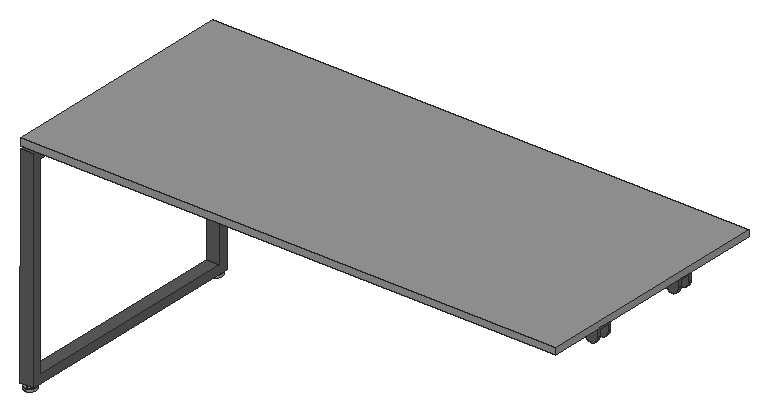
Revit family "Haworth_Tibas_Desk_Rectangular_EU_PRELIMINARY1", category Furniture, Revit 2019 (continued)
Definition of nested family "Haworth_Tibas_CableManagement_HorizontalCableTraySingleWire_PART"
  Definition of nested family "Haworth_Tibas_CableManagement_HorizontalCableTraySingleWire_200cm-PART"
    Automatic sketch dimensions
      Extrusion 5 sketch curve to Extrusion 5 sketch curve = 0.024 cm
      Extrusion 5 sketch curve to Extrusion 5 sketch curve = 0.2547 cm
      Extrusion 5 sketch curve to plane 7 "Front" = 1.0694 cm
      Extrusion 5 sketch curve to Extrusion 5 sketch curve = 0.0224 cm
      plane 7 "Front" to Extrusion 5 sketch curve = 3.1606 cm
      Extrusion 5 sketch curve to Extrusion 5 sketch curve = 0.02 cm  (x2)
      Extrusion 5 sketch curve to Extrusion 5 sketch curve = 2.5563 cm
      Extrusion 5 sketch curve to plane 2 "Support Top" = 0.195 cm
      Extrusion 5 sketch curve to plane 2 "Support Top" = 5.795 cm
      Extrusion 5 sketch curve to Extrusion 5 sketch curve = 0.225 cm
      Extrusion 5 sketch curve to Extrusion 5 sketch curve = 0 cm
  Definition of nested family "Haworth_Tibas_CableManagement_HorizontalCableTraySingleWire_160cm-PART"
    Parameters (values of type "Wire Basket Single - 160cm")
      Warranty = "http://www.haworth.com/resources/product-info/warranties"
      Void Width = 20 cm  # constant formula
      URL = "www.haworth.com"
      Trim Finish = none
      Size = "Verify Final Dim. w/ Haworth"  # constant formula
      Revision Number = "1"  # constant formula
      Model = "Haworth -  Wire Basket "  # constant formula
      Manufacturer = "Haworth"  # constant formula
      Description = "Haworth -  Wire Basket 160cm "  # constant formula
      Cable Tray Finish = none
      Author = "Haworth (Abd Rahman)"  # constant formula
      Assembly Code = "E2020200"
      Actual Width = 160 cm  # constant formula
      Actual Depth = 16 cm  # constant formula
    Reference planes (cm)
      plane 1: z = 0
      plane 2 "Support Top": z = 74.1363
      plane 3: x = 20.8036
      plane 4: y = -4.3686
      plane 5 "Front": y = -20.3686
      plane 6: y = -12.3686
      plane 7: x = -59.1964
      plane 8: x = 100.8036
    Forms (cm)
      Extrusion 1, solid, material <- "Cable Tray Finish"
        sketch origin (-68.41, -24.7371, 0) x (0, 1, 0) y (0, 0, -1)
          loop
            line (5.5335, -74.1362) -> (5.5335, -68.4381)
            arc (5.5335, -68.4381) -> (5.5922, -68.2965) -> (5.7338, -68.2378) r 0.2003
            line (5.7338, -68.2378) -> (19.8574, -68.2378)
            arc (19.8574, -68.2378) -> (20.0023, -68.2979) -> (20.0623, -68.4428) r 0.205
            line (20.0623, -68.4428) -> (20.0623, -74.1362) -> (20.3686, -74.1362) -> (20.3686, -68.4261)
            arc (20.3686, -68.4261) -> (20.2547, -68.1513) -> (19.9799, -68.0374) r 0.3886
            line (19.9799, -68.0374) -> (5.7294, -68.0374)
            arc (5.7294, -68.0374) -> (5.455, -68.1511) -> (5.3413, -68.4255) r 0.3881
            line (5.3413, -68.4255) -> (5.3413, -74.1362) -> (5.5335, -74.1362)
        from -169.2136 to -9.2136
      Extrusion 2, void
        sketch origin (0, -2.9666, 0) x (1, 0, 0) y (0, 0, -1)
          loop
            line (-58.636, -73.9397) -> (-50.4684, -73.9397) -> (-50.4684, -70.6269) -> (-58.636, -70.6269) -> (-58.636, -73.9397)
          loop
            line (-50.4684, -70.4411) -> (-50.4684, -68.6179) -> (-58.636, -68.6179) -> (-58.636, -70.4411) -> (-50.4684, -70.4411)
          loop
            line (-50.261, -73.9397) -> (-44.4684, -73.9397) -> (-44.4684, -70.6269) -> (-50.261, -70.6269) -> (-50.261, -73.9397)
          loop
            line (-44.4684, -70.4411) -> (-44.4684, -68.6179) -> (-50.261, -68.6179) -> (-50.261, -70.4411) -> (-44.4684, -70.4411)
          loop
            line (-44.261, -73.9397) -> (-38.4684, -73.9397) -> (-38.4684, -70.6269) -> (-44.261, -70.6269) -> (-44.261, -73.9397)
          loop
            line (-38.4684, -70.4411) -> (-38.4684, -68.6448) -> (-44.261, -68.6448) -> (-44.261, -70.4411) -> (-38.4684, -70.4411)
          loop
            line (-38.261, -73.9397) -> (-32.4684, -73.9397) -> (-32.4684, -70.6269) -> (-38.261, -70.6269) -> (-38.261, -73.9397)
          loop
            line (-32.4684, -70.4411) -> (-32.4684, -68.6448) -> (-38.261, -68.6448) -> (-38.261, -70.4411) -> (-32.4684, -70.4411)
          loop
            line (-32.261, -73.9397) -> (-26.4684, -73.9397) -> (-26.4684, -70.6269) -> (-32.261, -70.6269) -> (-32.261, -73.9397)
          loop
            line (-26.4684, -70.4411) -> (-26.4684, -68.6448) -> (-32.261, -68.6448) -> (-32.261, -70.4411) -> (-26.4684, -70.4411)
          loop
            line (-26.261, -73.9397) -> (-20.4684, -73.9397) -> (-20.4684, -70.6269) -> (-26.261, -70.6269) -> (-26.261, -73.9397)
          loop
            line (-20.4684, -70.4411) -> (-20.4684, -68.6582) -> (-26.261, -68.6582) -> (-26.261, -70.4411) -> (-20.4684, -70.4411)
          loop
            line (-20.261, -73.9397) -> (-14.4684, -73.9397) -> (-14.4684, -70.6269) -> (-20.261, -70.6269) -> (-20.261, -73.9397)
          loop
            line (-14.4684, -70.4411) -> (-14.4684, -68.6582) -> (-20.261, -68.6582) -> (-20.261, -70.4411) -> (-14.4684, -70.4411)
          loop
            line (-14.261, -73.9397) -> (-8.4684, -73.9397) -> (-8.4684, -70.6269) -> (-14.261, -70.6269) -> (-14.261, -73.9397)
          loop
            line (-8.4684, -70.4411) -> (-8.4684, -68.6582) -> (-14.261, -68.6582) -> (-14.261, -70.4411) -> (-8.4684, -70.4411)
          loop
            line (-8.261, -73.9397) -> (-2.4684, -73.9397) -> (-2.4684, -70.6269) -> (-8.261, -70.6269) -> (-8.261, -73.9397)
          loop
            line (-2.4684, -70.4411) -> (-2.4684, -68.6448) -> (-8.261, -68.6448) -> (-8.261, -70.4411) -> (-2.4684, -70.4411)
          loop
            line (-2.261, -73.9397) -> (3.5316, -73.9397) -> (3.5316, -70.6269) -> (-2.261, -70.6269) -> (-2.261, -73.9397)
          loop
            line (3.5316, -70.4411) -> (3.5316, -68.6582) -> (-2.261, -68.6582) -> (-2.261, -70.4411) -> (3.5316, -70.4411)
          loop
            line (3.739, -73.9397) -> (9.5316, -73.9397) -> (9.5316, -70.6269) -> (3.739, -70.6269) -> (3.739, -73.9397)
          loop
            line (9.5316, -70.4411) -> (9.5316, -68.6582) -> (3.739, -68.6582) -> (3.739, -70.4411) -> (9.5316, -70.4411)
          loop
            line (9.739, -73.9397) -> (15.5316, -73.9397) -> (15.5316, -70.6269) -> (9.739, -70.6269) -> (9.739, -73.9397)
          loop
            line (15.5316, -70.4411) -> (15.5316, -68.6582) -> (9.739, -68.6582) -> (9.739, -70.4411) -> (15.5316, -70.4411)
          loop
            line (15.739, -73.9397) -> (21.5316, -73.9397) -> (21.5316, -70.6269) -> (15.739, -70.6269) -> (15.739, -73.9397)
          loop
            line (21.5316, -70.4411) -> (21.5316, -68.6582) -> (15.739, -68.6582) -> (15.739, -70.4411) -> (21.5316, -70.4411)
          loop
            line (21.739, -73.9397) -> (27.5316, -73.9397) -> (27.5316, -70.6269) -> (21.739, -70.6269) -> (21.739, -73.9397)
          loop
            line (27.5316, -70.4411) -> (27.5316, -68.6582) -> (21.739, -68.6582) -> (21.739, -70.4411) -> (27.5316, -70.4411)
          loop
            line (27.739, -73.9397) -> (33.5316, -73.9397) -> (33.5316, -70.6269) -> (27.739, -70.6269) -> (27.739, -73.9397)
          loop
            line (33.5316, -70.4411) -> (33.5316, -68.6448) -> (27.739, -68.6448) -> (27.739, -70.4411) -> (33.5316, -70.4411)
          loop
            line (33.739, -73.9397) -> (39.5316, -73.9397) -> (39.5316, -70.6269) -> (33.739, -70.6269) -> (33.739, -73.9397)
          loop
            line (39.5316, -70.4411) -> (39.5316, -68.6582) -> (33.739, -68.6582) -> (33.739, -70.4411) -> (39.5316, -70.4411)
          loop
            line (39.739, -73.9397) -> (45.5316, -73.9397) -> (45.5316, -70.6269) -> (39.739, -70.6269) -> (39.739, -73.9397)
          loop
            line (45.5316, -70.4411) -> (45.5316, -68.6582) -> (39.739, -68.6582) -> (39.739, -70.4411) -> (45.5316, -70.4411)
          loop
            line (45.739, -73.9397) -> (51.5316, -73.9397) -> (51.5316, -70.6269) -> (45.739, -70.6269) -> (45.739, -73.9397)
          loop
            line (51.5316, -70.4411) -> (51.5316, -68.6582) -> (45.739, -68.6582) -> (45.739, -70.4411) -> (51.5316, -70.4411)
          loop
            line (51.739, -73.9397) -> (57.5316, -73.9397) -> (57.5316, -70.6269) -> (51.739, -70.6269) -> (51.739, -73.9397)
          loop
            line (57.5316, -70.4411) -> (57.5316, -68.6582) -> (51.739, -68.6582) -> (51.739, -70.4411) -> (57.5316, -70.4411)
          loop
            line (57.739, -73.9397) -> (63.5316, -73.9397) -> (63.5316, -70.6269) -> (57.739, -70.6269) -> (57.739, -73.9397)
          loop
            line (63.5316, -70.4411) -> (63.5316, -68.6582) -> (57.739, -68.6582) -> (57.739, -70.4411) -> (63.5316, -70.4411)
          loop
            line (63.739, -73.9397) -> (69.5316, -73.9397) -> (69.5316, -70.6269) -> (63.739, -70.6269) -> (63.739, -73.9397)
          loop
            line (69.5316, -70.4411) -> (69.5316, -68.6448) -> (63.739, -68.6448) -> (63.739, -70.4411) -> (69.5316, -70.4411)
          loop
            line (69.739, -73.9397) -> (75.5316, -73.9397) -> (75.5316, -70.6269) -> (69.739, -70.6269) -> (69.739, -73.9397)
          loop
            line (75.5316, -70.4411) -> (75.5316, -68.6582) -> (69.739, -68.6582) -> (69.739, -70.4411) -> (75.5316, -70.4411)
          loop
            line (75.739, -73.9397) -> (81.5316, -73.9397) -> (81.5316, -70.6269) -> (75.739, -70.6269) -> (75.739, -73.9397)
          loop
            line (81.5316, -70.4411) -> (81.5316, -68.6582) -> (75.739, -68.6582) -> (75.739, -70.4411) -> (81.5316, -70.4411)
          loop
            line (81.739, -73.9397) -> (87.5316, -73.9397) -> (87.5316, -70.6269) -> (81.739, -70.6269) -> (81.739, -73.9397)
          loop
            line (87.5316, -70.4411) -> (87.5316, -68.6582) -> (81.739, -68.6582) -> (81.739, -70.4411) -> (87.5316, -70.4411)
          loop
            line (87.739, -73.9397) -> (93.5316, -73.9397) -> (93.5316, -70.6269) -> (87.739, -70.6269) -> (87.739, -73.9397)
          loop
            line (93.5316, -70.4411) -> (93.5316, -68.6582) -> (87.739, -68.6582) -> (87.739, -70.4411) -> (93.5316, -70.4411)
          loop
            line (93.739, -73.9397) -> (100.4066, -73.9397) -> (100.4066, -70.6269) -> (93.739, -70.6269) -> (93.739, -73.9397)
          loop
            line (100.4066, -70.4411) -> (100.4066, -68.6582) -> (93.739, -68.6582) -> (93.739, -70.4411) -> (100.4066, -70.4411)
        from -21.2076 to 0.5784
      Extrusion 3, void
        sketch origin (0, -24.7371, 0) x (1, 0, 0) y (0, 1, 0)
          loop
            line (-58.511, 5.9663) -> (-54.9555, 5.9663) -> (-54.9555, 20.0623) -> (-58.511, 20.0623) -> (-58.511, 5.9663)
          loop
            line (-54.761, 5.9663) -> (-48.9684, 5.9663) -> (-48.9684, 20.0623) -> (-54.761, 20.0623) -> (-54.761, 5.9663)
          loop
            line (-48.761, 5.9663) -> (-42.9555, 5.9663) -> (-42.9555, 20.0623) -> (-48.761, 20.0623) -> (-48.761, 5.9663)
          loop
            line (-42.761, 5.9663) -> (-36.9684, 5.9663) -> (-36.9684, 20.0623) -> (-42.761, 20.0623) -> (-42.761, 5.9663)
          loop
            line (-36.761, 5.9663) -> (-30.9555, 5.9663) -> (-30.9555, 20.0623) -> (-36.761, 20.0623) -> (-36.761, 5.9663)
          loop
            line (-30.761, 5.9663) -> (-24.9684, 5.9663) -> (-24.9684, 20.0623) -> (-30.761, 20.0623) -> (-30.761, 5.9663)
          loop
            line (-24.761, 5.9663) -> (-18.9555, 5.9663) -> (-18.9555, 20.0623) -> (-24.761, 20.0623) -> (-24.761, 5.9663)
          loop
            line (-18.761, 5.9663) -> (-12.9684, 5.9663) -> (-12.9684, 20.0623) -> (-18.761, 20.0623) -> (-18.761, 5.9663)
          loop
            line (-12.761, 5.9663) -> (-6.9555, 5.9663) -> (-6.9555, 20.0623) -> (-12.761, 20.0623) -> (-12.761, 5.9663)
          loop
            line (-6.748, 5.9663) -> (-0.9555, 5.9663) -> (-0.9555, 20.0623) -> (-6.748, 20.0623) -> (-6.748, 5.9663)
          loop
            line (-0.748, 5.9663) -> (5.0575, 5.9663) -> (5.0575, 20.0623) -> (-0.748, 20.0623) -> (-0.748, 5.9663)
          loop
            line (5.2779, 5.9663) -> (11.0704, 5.9663) -> (11.0704, 20.0623) -> (5.2779, 20.0623) -> (5.2779, 5.9663)
          loop
            line (11.2779, 5.9663) -> (17.0834, 5.9663) -> (17.0834, 20.0623) -> (11.2779, 20.0623) -> (11.2779, 5.9663)
          loop
            line (17.2908, 5.9663) -> (23.0963, 5.9663) -> (23.0963, 20.0623) -> (17.2908, 20.0623) -> (17.2908, 5.9663)
          loop
            line (23.3038, 5.9663) -> (29.0963, 5.9663) -> (29.0963, 20.0623) -> (23.3038, 20.0623) -> (23.3038, 5.9663)
          loop
            line (29.3038, 5.9663) -> (35.1093, 5.9663) -> (35.1093, 20.0623) -> (29.3038, 20.0623) -> (29.3038, 5.9663)
          loop
            line (35.3297, 5.9663) -> (41.1222, 5.9663) -> (41.1222, 20.0623) -> (35.3297, 20.0623) -> (35.3297, 5.9663)
          loop
            line (41.3297, 5.9663) -> (47.1351, 5.9663) -> (47.1351, 20.0623) -> (41.3297, 20.0623) -> (41.3297, 5.9663)
          loop
            line (47.3426, 5.9663) -> (53.1481, 5.9663) -> (53.1481, 20.0623) -> (47.3426, 20.0623) -> (47.3426, 5.9663)
          loop
            line (53.3556, 5.9663) -> (59.1481, 5.9663) -> (59.1481, 20.0623) -> (53.3556, 20.0623) -> (53.3556, 5.9663)
          loop
            line (59.3556, 5.9663) -> (65.161, 5.9663) -> (65.161, 20.0623) -> (59.3556, 20.0623) -> (59.3556, 5.9663)
          loop
            line (65.3815, 5.9663) -> (71.174, 5.9663) -> (71.174, 20.0623) -> (65.3815, 20.0623) -> (65.3815, 5.9663)
          loop
            line (71.3815, 5.9663) -> (77.1869, 5.9663) -> (77.1869, 20.0623) -> (71.3815, 20.0623) -> (71.3815, 5.9663)
          loop
            line (77.3944, 5.9663) -> (83.1999, 5.9663) -> (83.1999, 20.0623) -> (77.3944, 20.0623) -> (77.3944, 5.9663)
          loop
            line (83.4074, 5.9663) -> (89.1999, 5.9663) -> (89.1999, 20.0623) -> (83.4074, 20.0623) -> (83.4074, 5.9663)
          loop
            line (89.4074, 5.9663) -> (95.2128, 5.9663) -> (95.2128, 20.0623) -> (89.4074, 20.0623) -> (89.4074, 5.9663)
          loop
            line (95.4333, 5.9663) -> (100.1181, 5.9663) -> (100.1181, 20.0623) -> (95.4333, 20.0623) -> (95.4333, 5.9663)
        from 0 to 76.0995
      Extrusion 4, solid, material <- "Trim Finish"
        sketch origin (107.911, 0.625, 79.9413) x (0, -1, 0) y (0, 0, -1)
          loop
            arc (24.1542, 2.8) -> (24.3098, 2.8644) -> (24.3742, 3.02) r 0.22
            line (24.3742, 3.02) -> (24.3742, 6) -> (24.1742, 6) -> (24.1742, 3) -> (20.1242, 3) -> (20.1242, 5.5787)
            arc (20.1242, 5.5787) -> (20.0594, 5.7352) -> (19.9029, 5.8) r 0.2213
            line (19.9029, 5.8) -> (19.6242, 5.8) -> (19.6242, 12.2277)
            arc (19.6242, 12.2277) -> (19.5591, 12.3849) -> (19.4019, 12.45) r 0.2223
            line (19.4019, 12.45) -> (7.5483, 12.45)
            arc (7.5483, 12.45) -> (7.1233, 12.025) -> (7.5483, 11.6) r 0.425
            line (7.5483, 11.6) -> (8.3242, 11.6) -> (8.3242, 11.8) -> (7.5501, 11.8)
            arc (7.5501, 11.8) -> (7.3251, 12.025) -> (7.5501, 12.25) r 0.225
            line (7.5501, 12.25) -> (19.4242, 12.25) -> (19.4242, 5.824)
            arc (19.4242, 5.824) -> (19.4898, 5.6656) -> (19.6482, 5.6) r 0.224
            line (19.6482, 5.6) -> (19.9242, 5.6) -> (19.9242, 3.0224)
            arc (19.9242, 3.0224) -> (19.9893, 2.8651) -> (20.1466, 2.8) r 0.2224
            line (20.1466, 2.8) -> (24.1542, 2.8)
        from -36.501 to -33.501
      Extrusion 5, solid, material <- "Trim Finish"
        sketch origin (-64.1788, 0.625, 79.9413) x (0, -1, 0) y (0, 0, 1)
          loop
            line (24.1542, -2.8) -> (20.1466, -2.8)
            arc (20.1466, -2.8) -> (19.9893, -2.8651) -> (19.9242, -3.0224) r 0.2224
            line (19.9242, -3.0224) -> (19.9242, -5.6) -> (19.6482, -5.6)
            arc (19.6482, -5.6) -> (19.4898, -5.6656) -> (19.4242, -5.824) r 0.224
            line (19.4242, -5.824) -> (19.4242, -12.25) -> (7.5501, -12.25)
            arc (7.5501, -12.25) -> (7.3251, -12.025) -> (7.5501, -11.8) r 0.225
            line (7.5501, -11.8) -> (8.3242, -11.8) -> (8.3242, -11.6) -> (7.5483, -11.6)
            arc (7.5483, -11.6) -> (7.1233, -12.025) -> (7.5483, -12.45) r 0.425
            line (7.5483, -12.45) -> (19.4019, -12.45)
            arc (19.4019, -12.45) -> (19.5591, -12.3849) -> (19.6242, -12.2277) r 0.2223
            line (19.6242, -12.2277) -> (19.6242, -5.8) -> (19.9029, -5.8)
            arc (19.9029, -5.8) -> (20.0594, -5.7352) -> (20.1242, -5.5787) r 0.2213
            line (20.1242, -5.5787) -> (20.1242, -3) -> (24.1742, -3) -> (24.1742, -6) -> (24.3742, -6) -> (24.3742, -3.02)
            arc (24.3742, -3.02) -> (24.3098, -2.8644) -> (24.1542, -2.8) r 0.22
        from -36.501 to -33.501
    Cuts and joins
      Extrusion 2, Extrusion 3 cuts Extrusion 1
    Lines and regions (cm)
      Masking region 1
        outline origin (0, 0, 0) x (1, 0, 0) y (0, 1, 0)
          loop
            line (-59.1964, -4.3686) -> (-59.1964, -20.3686) -> (100.8036, -20.3686) -> (100.8036, -4.3686) -> (-59.1964, -4.3686)
    Dimensions and locks (cm)
      locked: plane 2 "Support Top" to level at 74.1363
      equal spacing: plane 4, plane 6, plane 5 "Front"
      "Actual Depth": plane 5 "Front" to plane 4
      equal spacing: plane 7, plane 3, plane 8
      "Actual Width": plane 7 to plane 8
      aligned and locked: plane 4 to cut or joined group of Extrusion 1, Extrusion 2, Extrusion 3
      aligned and locked: Masking region 1 sketch curve to plane 4
      aligned and locked: Masking region 1 sketch curve to plane 5 "Front"
      aligned and locked: plane 8 to cut or joined group of Extrusion 1, Extrusion 2, Extrusion 3
      aligned and locked: plane 8 to Masking region 1
      aligned and locked: cut or joined group of Extrusion 1, Extrusion 2, Extrusion 3 to plane 7
      aligned and locked: Masking region 1 to plane 7
    Automatic sketch dimensions
      Extrusion 1 sketch curve to plane 2 "Support Top" = 0 cm  (x2)
      Extrusion 1 sketch curve to plane 4 = 0 cm
      Extrusion 1 sketch curve to Extrusion 1 sketch curve = 0.3062 cm
      Extrusion 1 sketch curve to plane 4 = 0.3886 cm
      Extrusion 1 sketch curve to Extrusion 1 sketch curve = 0.1226 cm
      Extrusion 1 sketch curve to plane 5 "Front" = 1.3652 cm
      Extrusion 1 sketch curve to Extrusion 1 sketch curve = 0.0044 cm
      Extrusion 1 sketch curve to Extrusion 1 sketch curve = 0.1959 cm
      Extrusion 1 sketch curve to Extrusion 1 sketch curve = 0.1923 cm
      Extrusion 1 sketch curve to plane 2 "Support Top" = 5.6934 cm
      Extrusion 1 sketch curve to Extrusion 1 sketch curve = 0.0167 cm
      Extrusion 2 sketch curve to plane 2 "Support Top" = 0.1965 cm  (x26)
      plane 7 to Extrusion 2 sketch curve = 0.5605 cm
      Extrusion 2 sketch curve to Extrusion 2 sketch curve = 0 cm  (x65)
      Extrusion 2 sketch curve to Extrusion 2 sketch curve = 8.1675 cm
      Extrusion 2 sketch curve to Extrusion 2 sketch curve = 0.2075 cm  (x34)
      Extrusion 2 sketch curve to Extrusion 2 sketch curve = 5.7925 cm  (x22)
      Extrusion 2 sketch curve to plane 3 = 5.272 cm
      plane 3 to Extrusion 2 sketch curve = 0.728 cm  (x2)
      Extrusion 2 sketch curve to plane 8 = 0.397 cm  (x2)
      Extrusion 2 sketch curve to Extrusion 2 sketch curve = 3.3128 cm  (x6)
      Extrusion 2 sketch curve to Extrusion 2 sketch curve = 0.1859 cm  (x26)
      Extrusion 2 sketch curve to Extrusion 2 sketch curve = 1.7829 cm  (x16)
      Extrusion 2 sketch curve to Extrusion 2 sketch curve = 0.0134 cm  (x4)
      Extrusion 2 sketch curve to Extrusion 2 sketch curve = 1.7963 cm
      Extrusion 2 sketch curve to Extrusion 2 sketch curve = 1.8232 cm
      plane 4 to Extrusion 3 sketch curve = 0.3062 cm  (x16)
      Extrusion 3 sketch curve to plane 7 = 0.6855 cm
      Extrusion 3 sketch curve to Extrusion 3 sketch curve = 3.5555 cm
      Extrusion 3 sketch curve to Extrusion 3 sketch curve = 0.1945 cm  (x4)
      Extrusion 3 sketch curve to Extrusion 3 sketch curve = 5.7925 cm  (x11)
      Extrusion 3 sketch curve to Extrusion 3 sketch curve = 0.2075 cm  (x18)
      Extrusion 3 sketch curve to Extrusion 3 sketch curve = 5.8055 cm  (x11)
      plane 5 "Front" to Extrusion 3 sketch curve = 1.5977 cm  (x13)
      Extrusion 3 sketch curve to Extrusion 3 sketch curve = 0.2204 cm  (x4)
      plane 3 to Extrusion 3 sketch curve = 3.7202 cm
      Extrusion 3 sketch curve to plane 3 = 2.2927 cm
      plane 8 to Extrusion 3 sketch curve = 5.5907 cm
      plane 8 to Extrusion 3 sketch curve = 0.6855 cm
      Extrusion 3 sketch curve to Extrusion 3 sketch curve = 0 cm  (x25)
      Extrusion 4 sketch curve to plane 4 = 2.5547 cm
      Extrusion 4 sketch curve to Extrusion 4 sketch curve = 0.0018 cm
      Extrusion 4 sketch curve to Extrusion 4 sketch curve = 0.7759 cm
      Extrusion 4 sketch curve to plane 5 "Front" = 1.5916 cm
      Extrusion 4 sketch curve to Extrusion 4 sketch curve = 0.0223 cm
      plane 2 "Support Top" to Extrusion 4 sketch curve = 0.005 cm
      Extrusion 4 sketch curve to Extrusion 4 sketch curve = 0.2 cm  (x5)
      Extrusion 4 sketch curve to Extrusion 4 sketch curve = 0.024 cm
      Extrusion 4 sketch curve to Extrusion 4 sketch curve = 0.2547 cm
      Extrusion 4 sketch curve to plane 5 "Front" = 1.0694 cm
      Extrusion 4 sketch curve to Extrusion 4 sketch curve = 0.0224 cm
      plane 5 "Front" to Extrusion 4 sketch curve = 3.1606 cm
      Extrusion 4 sketch curve to Extrusion 4 sketch curve = 0.02 cm  (x2)
      Extrusion 4 sketch curve to Extrusion 4 sketch curve = 2.5563 cm
      Extrusion 4 sketch curve to plane 2 "Support Top" = 0.195 cm
      Extrusion 4 sketch curve to plane 2 "Support Top" = 5.795 cm
      Extrusion 4 sketch curve to Extrusion 4 sketch curve = 0.225 cm
      Extrusion 4 sketch curve to Extrusion 4 sketch curve = 0 cm
      Masking region 1 sketch curve to plane 7 = 0 cm
      Masking region 1 sketch curve to plane 8 = 0 cm
      Extrusion 5 sketch curve to plane 4 = 2.5547 cm
      Extrusion 5 sketch curve to Extrusion 5 sketch curve = 0.0018 cm
      Extrusion 5 sketch curve to Extrusion 5 sketch curve = 0.7759 cm
      Extrusion 5 sketch curve to plane 5 "Front" = 1.5916 cm
      Extrusion 5 sketch curve to Extrusion 5 sketch curve = 0.0223 cm
      plane 2 "Support Top" to Extrusion 5 sketch curve = 0.005 cm
      Extrusion 5 sketch curve to Extrusion 5 sketch curve = 0.2 cm  (x4)
      Extrusion 5 sketch curve to Extrusion 5 sketch curve = 0.024 cm
      Extrusion 5 sketch curve to Extrusion 5 sketch curve = 0.2547 cm
      Extrusion 5 sketch curve to plane 5 "Front" = 1.0694 cm
      Extrusion 5 sketch curve to Extrusion 5 sketch curve = 0.0224 cm
      plane 5 "Front" to Extrusion 5 sketch curve = 3.1606 cm
      Extrusion 5 sketch curve to Extrusion 5 sketch curve = 0.02 cm  (x2)
      Extrusion 5 sketch curve to plane 2 "Support Top" = 0.019 cm
      Extrusion 5 sketch curve to plane 2 "Support Top" = 0.195 cm
      Extrusion 5 sketch curve to plane 2 "Support Top" = 5.795 cm
      Extrusion 5 sketch curve to Extrusion 5 sketch curve = 0.225 cm
      Extrusion 5 sketch curve to Extrusion 5 sketch curve = 0 cm
      Extrusion 5 sketch curve to Extrusion 5 sketch curve = 2.5563 cm
  Definition of nested family "Haworth_Tibas_CableManagement_HorizontalCableTraySingleWire_120cm-PART"
    Parameters (values of type "Wire Basket Single - 120cm")
      Warranty = "http://www.haworth.com/resources/product-info/warranties"
      Void Width = 20 cm  # constant formula
      URL = "www.haworth.com"
      Trim Finish = none
      Size = "Verify Final Dim. w/ Haworth"  # constant formula
      Revision Number = "1"  # constant formula
      Model = "Haworth -  Wire Basket "  # constant formula
      Manufacturer = "Haworth"  # constant formula
      Description = "Haworth -  Wire Basket 120cm "  # constant formula
      Cable Tray Finish = none
      Author = "Haworth (Abd Rahman)"  # constant formula
      Assembly Code = "E2020200"
      Actual Width = 120 cm  # constant formula
      Actual Depth = 16 cm  # constant formula
    Reference planes (cm)
      plane 1: z = 0
      plane 2 "Support Top": z = 74.1363
      plane 3: x = 20.8036
      plane 4: y = -4.3686
      plane 5 "Front": y = -20.3686
      plane 6: y = -12.3686
      plane 7: x = -39.1964
      plane 8: x = 80.8036
    Forms (cm)
      Extrusion 1, solid, material <- "Cable Tray Finish"
        sketch origin (-68.41, -24.7371, 0) x (0, 1, 0) y (0, 0, -1)
          loop
            line (5.5335, -74.1362) -> (5.5335, -68.4381)
            arc (5.5335, -68.4381) -> (5.5922, -68.2965) -> (5.7338, -68.2378) r 0.2003
            line (5.7338, -68.2378) -> (19.8574, -68.2378)
            arc (19.8574, -68.2378) -> (20.0023, -68.2979) -> (20.0623, -68.4428) r 0.205
            line (20.0623, -68.4428) -> (20.0623, -74.1362) -> (20.3686, -74.1362) -> (20.3686, -68.4261)
            arc (20.3686, -68.4261) -> (20.2547, -68.1513) -> (19.9799, -68.0374) r 0.3886
            line (19.9799, -68.0374) -> (5.7294, -68.0374)
            arc (5.7294, -68.0374) -> (5.455, -68.1511) -> (5.3413, -68.4255) r 0.3881
            line (5.3413, -68.4255) -> (5.3413, -74.1362) -> (5.5335, -74.1362)
        from -149.2136 to -29.2136
      Extrusion 2, void
        sketch origin (0, -2.9666, 0) x (1, 0, 0) y (0, 0, -1)
          loop
            line (-38.261, -73.9397) -> (-32.4684, -73.9397) -> (-32.4684, -70.6269) -> (-38.261, -70.6269) -> (-38.261, -73.9397)
          loop
            line (-32.4684, -70.4411) -> (-32.4684, -68.6448) -> (-38.261, -68.6448) -> (-38.261, -70.4411) -> (-32.4684, -70.4411)
          loop
            line (-32.261, -73.9397) -> (-26.4684, -73.9397) -> (-26.4684, -70.6269) -> (-32.261, -70.6269) -> (-32.261, -73.9397)
          loop
            line (-26.4684, -70.4411) -> (-26.4684, -68.6448) -> (-32.261, -68.6448) -> (-32.261, -70.4411) -> (-26.4684, -70.4411)
          loop
            line (-26.261, -73.9397) -> (-20.4684, -73.9397) -> (-20.4684, -70.6269) -> (-26.261, -70.6269) -> (-26.261, -73.9397)
          loop
            line (-20.4684, -70.4411) -> (-20.4684, -68.6582) -> (-26.261, -68.6582) -> (-26.261, -70.4411) -> (-20.4684, -70.4411)
          loop
            line (-20.261, -73.9397) -> (-14.4684, -73.9397) -> (-14.4684, -70.6269) -> (-20.261, -70.6269) -> (-20.261, -73.9397)
          loop
            line (-14.4684, -70.4411) -> (-14.4684, -68.6582) -> (-20.261, -68.6582) -> (-20.261, -70.4411) -> (-14.4684, -70.4411)
          loop
            line (-14.261, -73.9397) -> (-8.4684, -73.9397) -> (-8.4684, -70.6269) -> (-14.261, -70.6269) -> (-14.261, -73.9397)
          loop
            line (-8.4684, -70.4411) -> (-8.4684, -68.6582) -> (-14.261, -68.6582) -> (-14.261, -70.4411) -> (-8.4684, -70.4411)
          loop
            line (-8.261, -73.9397) -> (-2.4684, -73.9397) -> (-2.4684, -70.6269) -> (-8.261, -70.6269) -> (-8.261, -73.9397)
          loop
            line (-2.4684, -70.4411) -> (-2.4684, -68.6448) -> (-8.261, -68.6448) -> (-8.261, -70.4411) -> (-2.4684, -70.4411)
          loop
            line (-2.261, -73.9397) -> (3.5316, -73.9397) -> (3.5316, -70.6269) -> (-2.261, -70.6269) -> (-2.261, -73.9397)
          loop
            line (3.5316, -70.4411) -> (3.5316, -68.6582) -> (-2.261, -68.6582) -> (-2.261, -70.4411) -> (3.5316, -70.4411)
          loop
            line (3.739, -73.9397) -> (9.5316, -73.9397) -> (9.5316, -70.6269) -> (3.739, -70.6269) -> (3.739, -73.9397)
          loop
            line (9.5316, -70.4411) -> (9.5316, -68.6582) -> (3.739, -68.6582) -> (3.739, -70.4411) -> (9.5316, -70.4411)
          loop
            line (9.739, -73.9397) -> (15.5316, -73.9397) -> (15.5316, -70.6269) -> (9.739, -70.6269) -> (9.739, -73.9397)
          loop
            line (15.5316, -70.4411) -> (15.5316, -68.6582) -> (9.739, -68.6582) -> (9.739, -70.4411) -> (15.5316, -70.4411)
          loop
            line (15.739, -73.9397) -> (21.5316, -73.9397) -> (21.5316, -70.6269) -> (15.739, -70.6269) -> (15.739, -73.9397)
          loop
            line (21.5316, -70.4411) -> (21.5316, -68.6582) -> (15.739, -68.6582) -> (15.739, -70.4411) -> (21.5316, -70.4411)
          loop
            line (21.739, -73.9397) -> (27.5316, -73.9397) -> (27.5316, -70.6269) -> (21.739, -70.6269) -> (21.739, -73.9397)
          loop
            line (27.5316, -70.4411) -> (27.5316, -68.6582) -> (21.739, -68.6582) -> (21.739, -70.4411) -> (27.5316, -70.4411)
          loop
            line (27.739, -73.9397) -> (33.5316, -73.9397) -> (33.5316, -70.6269) -> (27.739, -70.6269) -> (27.739, -73.9397)
          loop
            line (33.5316, -70.4411) -> (33.5316, -68.6448) -> (27.739, -68.6448) -> (27.739, -70.4411) -> (33.5316, -70.4411)
          loop
            line (33.739, -73.9397) -> (39.5316, -73.9397) -> (39.5316, -70.6269) -> (33.739, -70.6269) -> (33.739, -73.9397)
          loop
            line (39.5316, -70.4411) -> (39.5316, -68.6582) -> (33.739, -68.6582) -> (33.739, -70.4411) -> (39.5316, -70.4411)
          loop
            line (39.739, -73.9397) -> (45.5316, -73.9397) -> (45.5316, -70.6269) -> (39.739, -70.6269) -> (39.739, -73.9397)
          loop
            line (45.5316, -70.4411) -> (45.5316, -68.6582) -> (39.739, -68.6582) -> (39.739, -70.4411) -> (45.5316, -70.4411)
          loop
            line (45.739, -73.9397) -> (51.5316, -73.9397) -> (51.5316, -70.6269) -> (45.739, -70.6269) -> (45.739, -73.9397)
          loop
            line (51.5316, -70.4411) -> (51.5316, -68.6582) -> (45.739, -68.6582) -> (45.739, -70.4411) -> (51.5316, -70.4411)
          loop
            line (51.739, -73.9397) -> (57.5316, -73.9397) -> (57.5316, -70.6269) -> (51.739, -70.6269) -> (51.739, -73.9397)
          loop
            line (57.5316, -70.4411) -> (57.5316, -68.6582) -> (51.739, -68.6582) -> (51.739, -70.4411) -> (57.5316, -70.4411)
          loop
            line (57.739, -73.9397) -> (63.5316, -73.9397) -> (63.5316, -70.6269) -> (57.739, -70.6269) -> (57.739, -73.9397)
          loop
            line (63.5316, -70.4411) -> (63.5316, -68.6582) -> (57.739, -68.6582) -> (57.739, -70.4411) -> (63.5316, -70.4411)
          loop
            line (63.739, -73.9397) -> (69.5316, -73.9397) -> (69.5316, -70.6269) -> (63.739, -70.6269) -> (63.739, -73.9397)
          loop
            line (69.5316, -70.4411) -> (69.5316, -68.6448) -> (63.739, -68.6448) -> (63.739, -70.4411) -> (69.5316, -70.4411)
          loop
            line (69.739, -73.9397) -> (75.5316, -73.9397) -> (75.5316, -70.6269) -> (69.739, -70.6269) -> (69.739, -73.9397)
          loop
            line (75.5316, -70.4411) -> (75.5316, -68.6582) -> (69.739, -68.6582) -> (69.739, -70.4411) -> (75.5316, -70.4411)
          loop
            line (75.739, -73.9397) -> (80.3487, -73.9397) -> (80.3487, -70.6269) -> (75.739, -70.6269) -> (75.739, -73.9397)
          loop
            line (80.3487, -70.4411) -> (80.3487, -68.6582) -> (75.739, -68.6582) -> (75.739, -70.4411) -> (80.3487, -70.4411)
        from -21.2076 to 0.5784
      Extrusion 3, void
        sketch origin (0, -24.7371, 0) x (1, 0, 0) y (0, 1, 0)
          loop
            line (-38.511, 5.9663) -> (-30.9555, 5.9663) -> (-30.9555, 20.0623) -> (-38.511, 20.0623) -> (-38.511, 5.9663)
          loop
            line (-30.761, 5.9663) -> (-24.9684, 5.9663) -> (-24.9684, 20.0623) -> (-30.761, 20.0623) -> (-30.761, 5.9663)
          loop
            line (-24.761, 5.9663) -> (-18.9555, 5.9663) -> (-18.9555, 20.0623) -> (-24.761, 20.0623) -> (-24.761, 5.9663)
          loop
            line (-18.761, 5.9663) -> (-12.9684, 5.9663) -> (-12.9684, 20.0623) -> (-18.761, 20.0623) -> (-18.761, 5.9663)
          loop
            line (-12.761, 5.9663) -> (-6.9555, 5.9663) -> (-6.9555, 20.0623) -> (-12.761, 20.0623) -> (-12.761, 5.9663)
          loop
            line (-6.748, 5.9663) -> (-0.9555, 5.9663) -> (-0.9555, 20.0623) -> (-6.748, 20.0623) -> (-6.748, 5.9663)
          loop
            line (-0.748, 5.9663) -> (5.0575, 5.9663) -> (5.0575, 20.0623) -> (-0.748, 20.0623) -> (-0.748, 5.9663)
          loop
            line (5.2779, 5.9663) -> (11.0704, 5.9663) -> (11.0704, 20.0623) -> (5.2779, 20.0623) -> (5.2779, 5.9663)
          loop
            line (11.2779, 5.9663) -> (17.0834, 5.9663) -> (17.0834, 20.0623) -> (11.2779, 20.0623) -> (11.2779, 5.9663)
          loop
            line (17.2908, 5.9663) -> (23.0963, 5.9663) -> (23.0963, 20.0623) -> (17.2908, 20.0623) -> (17.2908, 5.9663)
          loop
            line (23.3038, 5.9663) -> (29.0963, 5.9663) -> (29.0963, 20.0623) -> (23.3038, 20.0623) -> (23.3038, 5.9663)
          loop
            line (29.3038, 5.9663) -> (35.1093, 5.9663) -> (35.1093, 20.0623) -> (29.3038, 20.0623) -> (29.3038, 5.9663)
          loop
            line (35.3297, 5.9663) -> (41.1222, 5.9663) -> (41.1222, 20.0623) -> (35.3297, 20.0623) -> (35.3297, 5.9663)
          loop
            line (41.3297, 5.9663) -> (47.1351, 5.9663) -> (47.1351, 20.0623) -> (41.3297, 20.0623) -> (41.3297, 5.9663)
          loop
            line (47.3426, 5.9663) -> (53.1481, 5.9663) -> (53.1481, 20.0623) -> (47.3426, 20.0623) -> (47.3426, 5.9663)
          loop
            line (53.3556, 5.9663) -> (59.1481, 5.9663) -> (59.1481, 20.0623) -> (53.3556, 20.0623) -> (53.3556, 5.9663)
          loop
            line (59.3556, 5.9663) -> (65.161, 5.9663) -> (65.161, 20.0623) -> (59.3556, 20.0623) -> (59.3556, 5.9663)
          loop
            line (65.3815, 5.9663) -> (71.174, 5.9663) -> (71.174, 20.0623) -> (65.3815, 20.0623) -> (65.3815, 5.9663)
          loop
            line (71.3815, 5.9663) -> (80.3036, 5.9663) -> (80.3036, 20.0623) -> (71.3815, 20.0623) -> (71.3815, 5.9663)
        from 0 to 76.0995
      Extrusion 4, solid, material <- "Trim Finish"
        sketch origin (90.911, 0.625, 79.9413) x (0, -1, 0) y (0, 0, -1)
          loop
            arc (24.1542, 2.8) -> (24.3098, 2.8644) -> (24.3742, 3.02) r 0.22
            line (24.3742, 3.02) -> (24.3742, 6) -> (24.1742, 6) -> (24.1742, 3) -> (20.1242, 3) -> (20.1242, 5.5787)
            arc (20.1242, 5.5787) -> (20.0594, 5.7352) -> (19.9029, 5.8) r 0.2213
            line (19.9029, 5.8) -> (19.6242, 5.8) -> (19.6242, 12.2277)
            arc (19.6242, 12.2277) -> (19.5591, 12.3849) -> (19.4019, 12.45) r 0.2223
            line (19.4019, 12.45) -> (7.5483, 12.45)
            arc (7.5483, 12.45) -> (7.1233, 12.025) -> (7.5483, 11.6) r 0.425
            line (7.5483, 11.6) -> (8.3242, 11.6) -> (8.3242, 11.8) -> (7.5501, 11.8)
            arc (7.5501, 11.8) -> (7.3251, 12.025) -> (7.5501, 12.25) r 0.225
            line (7.5501, 12.25) -> (19.4242, 12.25) -> (19.4242, 5.824)
            arc (19.4242, 5.824) -> (19.4898, 5.6656) -> (19.6482, 5.6) r 0.224
            line (19.6482, 5.6) -> (19.9242, 5.6) -> (19.9242, 3.0224)
            arc (19.9242, 3.0224) -> (19.9893, 2.8651) -> (20.1466, 2.8) r 0.2224
            line (20.1466, 2.8) -> (24.1542, 2.8)
        from -36.501 to -33.501
      Extrusion 5, solid, material <- "Trim Finish"
        sketch origin (-44.8038, 0.625, 79.9413) x (0, -1, 0) y (0, 0, 1)
          loop
            line (24.1542, -2.8) -> (20.1466, -2.8)
            arc (20.1466, -2.8) -> (19.9893, -2.8651) -> (19.9242, -3.0224) r 0.2224
            line (19.9242, -3.0224) -> (19.9242, -5.6) -> (19.6482, -5.6)
            arc (19.6482, -5.6) -> (19.4898, -5.6656) -> (19.4242, -5.824) r 0.224
            line (19.4242, -5.824) -> (19.4242, -12.25) -> (7.5501, -12.25)
            arc (7.5501, -12.25) -> (7.3251, -12.025) -> (7.5501, -11.8) r 0.225
            line (7.5501, -11.8) -> (8.3242, -11.8) -> (8.3242, -11.6) -> (7.5483, -11.6)
            arc (7.5483, -11.6) -> (7.1233, -12.025) -> (7.5483, -12.45) r 0.425
            line (7.5483, -12.45) -> (19.4019, -12.45)
            arc (19.4019, -12.45) -> (19.5591, -12.3849) -> (19.6242, -12.2277) r 0.2223
            line (19.6242, -12.2277) -> (19.6242, -5.8) -> (19.9029, -5.8)
            arc (19.9029, -5.8) -> (20.0594, -5.7352) -> (20.1242, -5.5787) r 0.2213
            line (20.1242, -5.5787) -> (20.1242, -3) -> (24.1742, -3) -> (24.1742, -6) -> (24.3742, -6) -> (24.3742, -3.02)
            arc (24.3742, -3.02) -> (24.3098, -2.8644) -> (24.1542, -2.8) r 0.22
        from -36.501 to -33.501
    Cuts and joins
      Extrusion 2, Extrusion 3 cuts Extrusion 1
    Lines and regions (cm)
      Masking region 1
        outline origin (0, 0, 0) x (1, 0, 0) y (0, 1, 0)
          loop
            line (-39.1964, -4.3686) -> (-39.1964, -20.3686) -> (80.8036, -20.3686) -> (80.8036, -4.3686) -> (-39.1964, -4.3686)
    Dimensions and locks (cm)
      locked: plane 2 "Support Top" to level at 74.1363
      equal spacing: plane 4, plane 6, plane 5 "Front"
      "Actual Depth": plane 5 "Front" to plane 4
      equal spacing: plane 7, plane 3, plane 8
      "Actual Width": plane 7 to plane 8
      aligned and locked: plane 4 to cut or joined group of Extrusion 1, Extrusion 2, Extrusion 3
      aligned and locked: Masking region 1 sketch curve to plane 4
      aligned and locked: Masking region 1 sketch curve to plane 5 "Front"
      aligned and locked: Masking region 1 to plane 7
      aligned and locked: cut or joined group of Extrusion 1, Extrusion 2, Extrusion 3 to plane 7
      aligned and locked: plane 8 to Masking region 1
      aligned and locked: plane 8 to cut or joined group of Extrusion 1, Extrusion 2, Extrusion 3
    Automatic sketch dimensions
      Extrusion 1 sketch curve to plane 2 "Support Top" = 0 cm  (x2)
      Extrusion 1 sketch curve to plane 4 = 0 cm
      Extrusion 1 sketch curve to Extrusion 1 sketch curve = 0.3062 cm
      Extrusion 1 sketch curve to plane 4 = 0.3886 cm
      Extrusion 1 sketch curve to Extrusion 1 sketch curve = 0.1226 cm
      Extrusion 1 sketch curve to plane 5 "Front" = 1.3652 cm
      Extrusion 1 sketch curve to Extrusion 1 sketch curve = 0.0044 cm
      Extrusion 1 sketch curve to Extrusion 1 sketch curve = 0.1959 cm
      Extrusion 1 sketch curve to Extrusion 1 sketch curve = 0.1923 cm
      Extrusion 1 sketch curve to plane 2 "Support Top" = 5.6934 cm
      Extrusion 1 sketch curve to Extrusion 1 sketch curve = 0.0167 cm
      Extrusion 4 sketch curve to plane 4 = 2.5547 cm
      Extrusion 4 sketch curve to Extrusion 4 sketch curve = 0.0018 cm
      Extrusion 4 sketch curve to Extrusion 4 sketch curve = 0.7759 cm
      Extrusion 4 sketch curve to plane 5 "Front" = 1.5916 cm
      Extrusion 4 sketch curve to Extrusion 4 sketch curve = 0.0223 cm
      plane 2 "Support Top" to Extrusion 4 sketch curve = 0.005 cm
      Extrusion 4 sketch curve to Extrusion 4 sketch curve = 0.2 cm  (x5)
      Extrusion 4 sketch curve to Extrusion 4 sketch curve = 0.024 cm
      Extrusion 4 sketch curve to Extrusion 4 sketch curve = 0.2547 cm
      Extrusion 4 sketch curve to plane 5 "Front" = 1.0694 cm
      Extrusion 4 sketch curve to Extrusion 4 sketch curve = 0.0224 cm
      plane 5 "Front" to Extrusion 4 sketch curve = 3.1606 cm
      Extrusion 4 sketch curve to Extrusion 4 sketch curve = 0.02 cm  (x2)
      Extrusion 4 sketch curve to Extrusion 4 sketch curve = 2.5563 cm
      Extrusion 4 sketch curve to plane 2 "Support Top" = 0.195 cm
      Extrusion 4 sketch curve to plane 2 "Support Top" = 5.795 cm
      Extrusion 4 sketch curve to Extrusion 4 sketch curve = 0.225 cm
      Extrusion 4 sketch curve to Extrusion 4 sketch curve = 0 cm
      Masking region 1 sketch curve to plane 7 = 0 cm
      Masking region 1 sketch curve to plane 8 = 0 cm
      Extrusion 5 sketch curve to plane 4 = 2.5547 cm
      Extrusion 5 sketch curve to Extrusion 5 sketch curve = 0.0018 cm
      Extrusion 5 sketch curve to Extrusion 5 sketch curve = 0.7759 cm
      Extrusion 5 sketch curve to plane 5 "Front" = 1.5916 cm
      Extrusion 5 sketch curve to Extrusion 5 sketch curve = 0.0223 cm
      plane 2 "Support Top" to Extrusion 5 sketch curve = 0.005 cm
      Extrusion 5 sketch curve to Extrusion 5 sketch curve = 0.2 cm  (x4)
      Extrusion 5 sketch curve to Extrusion 5 sketch curve = 0.024 cm
      Extrusion 5 sketch curve to Extrusion 5 sketch curve = 0.2547 cm
      Extrusion 5 sketch curve to plane 5 "Front" = 1.0694 cm
      Extrusion 5 sketch curve to Extrusion 5 sketch curve = 0.0224 cm
      plane 5 "Front" to Extrusion 5 sketch curve = 3.1606 cm
      Extrusion 5 sketch curve to Extrusion 5 sketch curve = 0.02 cm  (x2)
      Extrusion 5 sketch curve to plane 2 "Support Top" = 0.019 cm
      Extrusion 5 sketch curve to plane 2 "Support Top" = 0.195 cm
      Extrusion 5 sketch curve to plane 2 "Support Top" = 5.795 cm
      Extrusion 5 sketch curve to Extrusion 5 sketch curve = 0.225 cm
      Extrusion 5 sketch curve to Extrusion 5 sketch curve = 0 cm
      Extrusion 5 sketch curve to Extrusion 5 sketch curve = 2.5563 cm
      Extrusion 3 sketch curve to plane 7 = 0.6855 cm
      plane 4 to Extrusion 3 sketch curve = 0.3062 cm  (x5)
      Extrusion 3 sketch curve to Extrusion 3 sketch curve = 7.5555 cm
      Extrusion 3 sketch curve to Extrusion 3 sketch curve = 0.1945 cm  (x2)
      plane 5 "Front" to Extrusion 3 sketch curve = 1.5977 cm  (x13)
      Extrusion 3 sketch curve to Extrusion 3 sketch curve = 5.7925 cm  (x8)
      Extrusion 3 sketch curve to Extrusion 3 sketch curve = 0.2075 cm  (x13)
      Extrusion 3 sketch curve to Extrusion 3 sketch curve = 5.8055 cm  (x7)
      Extrusion 3 sketch curve to Extrusion 3 sketch curve = 0.2204 cm  (x3)
      plane 3 to Extrusion 3 sketch curve = 3.7202 cm
      Extrusion 3 sketch curve to plane 3 = 2.2927 cm
      plane 8 to Extrusion 3 sketch curve = 0.5 cm
      Extrusion 3 sketch curve to Extrusion 3 sketch curve = 0 cm  (x20)
      Extrusion 2 sketch curve to plane 2 "Support Top" = 0.1965 cm  (x20)
      plane 7 to Extrusion 2 sketch curve = 0.9355 cm
      Extrusion 2 sketch curve to Extrusion 2 sketch curve = 0 cm  (x47)
      Extrusion 2 sketch curve to Extrusion 2 sketch curve = 5.7925 cm  (x16)
      Extrusion 2 sketch curve to Extrusion 2 sketch curve = 0.2075 cm  (x25)
      Extrusion 2 sketch curve to plane 3 = 5.272 cm
      plane 3 to Extrusion 2 sketch curve = 0.728 cm  (x2)
      Extrusion 2 sketch curve to plane 8 = 5.272 cm
      Extrusion 2 sketch curve to plane 8 = 0.4549 cm  (x2)
      Extrusion 2 sketch curve to Extrusion 2 sketch curve = 3.3128 cm  (x6)
      Extrusion 2 sketch curve to Extrusion 2 sketch curve = 0.1859 cm  (x20)
      Extrusion 2 sketch curve to Extrusion 2 sketch curve = 1.7829 cm  (x14)
      Extrusion 2 sketch curve to Extrusion 2 sketch curve = 0.0134 cm  (x4)
      Extrusion 2 sketch curve to Extrusion 2 sketch curve = 1.7963 cm
Types (5, lengths in cm): name | U Shape Cable Outlet | U-Leg Frame R | U-Leg Frame | Structure | Round Cable Outlet | Return Extension | O-Leg Frame R | O-Leg Frame | No Accessory Kit | Leg Height | Horizontal Cable Tray Wire Single | Horizontal Cable Tray Single | Flip Top Cable Outlet | Epure Cable Outlet | Cable Tray Width | Actual Width | Actual Height | Actual Depth | Accessory Kit | A-Leg Frame R | A-Leg Frame | 90 Depth | 80 Depth | 70 Depth | 60 Depth | 180cm | 160cm | 140cm | 120cm | 100cm
  120w | no | no | no | yes | no | no | no | no | no | 80.0025 | no | yes | no | yes | 70 | 120 | 83.5025 | 60 | yes | yes | yes | no | no | no | yes | no | no | no | no | yes
  140w | no | no | no | yes | no | no | yes | yes | no | 80.0025 | yes | no | yes | no | 90 | 140 | 83.5025 | 70 | yes | no | no | no | no | yes | no | no | no | no | yes | no
  160w | no | yes | yes | yes | yes | no | no | no | no | 70.5 | no | yes | no | no | 110 | 160 | 74 | 80 | yes | no | no | no | yes | no | no | no | no | yes | no | no
  180w | yes | no | no | no | no | yes | no | no | no | 80.0025 | yes | no | no | no | 130 | 180 | 83.5025 | 90 | yes | no | yes | yes | no | no | no | no | yes | no | no | no
  200w | no | no | no | no | no | yes | no | yes | yes | 80.0025 | no | no | no | no | 150 | 200 | 83.5025 | 90 | no | no | no | yes | no | no | no | yes | no | no | no | no
